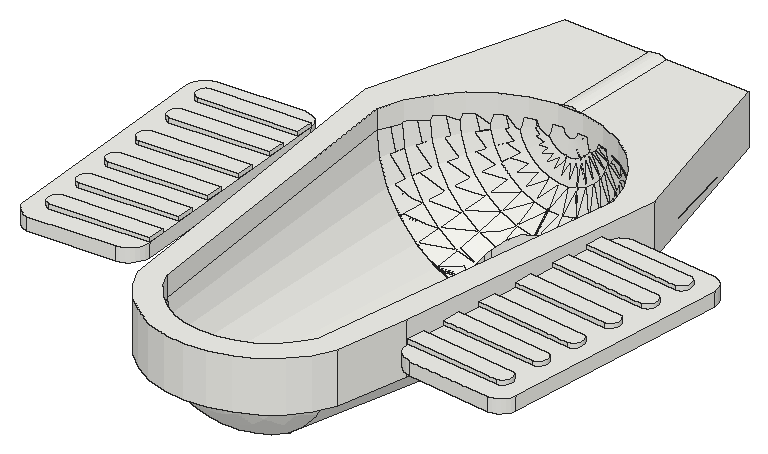
Revit family
Parameters (values of type "620 x 550 mm")
  WC Material = Porcelain
Reference planes
  plane 1 "Center (Front/Back)": y = 0
  plane 2: z = 0
  plane 3 "Center (Left/Right)": x = 0
  plane 4: x = -274.779
  plane 5: x = 274.779
  plane 6: y = 314.771
  plane 7: y = -305.548
Forms (mm)
  Extrusion 1, solid, material "Porcelain" <- "WC Material"
    sketch origin (0, 0, 0) x (1, 0, 0) y (0, 1, 0)
      loop
        line (-116.489, -160.234) -> (-107.131, -234.648)
        arc (-107.131, -234.648) -> (-1.566, -305.548) -> (103.998, -234.648) r 114.039
        line (103.998, -234.648) -> (116.489, -160.234) -> (152.046, 122.519) -> (96.918, 314.771) -> (-96.918, 314.771) -> (-152.046, 122.519) -> (-116.489, -160.234)
      loop
        arc (-83.989, -225.191) -> (-4.28, -280.507) -> (78.651, -230.15) r 89.039
        line (78.651, -230.15) -> (125.163, 102.23)
        arc (125.163, 102.23) -> (0, 201.712) -> (-125.163, 102.23) r 128.478
        line (-125.163, 102.23) -> (-83.989, -225.191)
    from -33 to 20
  Extrusion 2, solid, material "Porcelain" <- "WC Material"
    sketch origin (0, 0, 0) x (1, 0, 0) y (0, 0, 1)
      loop
        arc (10.237, 20) -> (0, 22.516) -> (-10.237, 20) r 22.084
        line (-10.237, 20) -> (10.237, 20)
    from -314.771 to -200.903
  Revolve 3, solid, material "Porcelain" <- "WC Material"
    sketch origin (0, 0, 0) x (1, 0, 0) y (0, 1, 0)
      loop
        line (-83.989, -225.191) -> (-125.163, 102.23)
        arc (-125.163, 102.23) -> (-79.941, 173.812) -> (0, 201.712) r 128.478
        line (0, 201.712) -> (0, 211.712)
        arc (0, 211.712) -> (-86.872, 181.074) -> (-135.303, 102.716) r 138.478
        line (-135.303, 102.716) -> (-93.75, -227.715)
        arc (-93.75, -227.715) -> (-56.698, -273.785) -> (0, -290.536) r 99.039
        line (0, -290.536) -> (0, -280.535)
        arc (0, -280.535) -> (-50.558, -265.859) -> (-83.989, -225.191) r 89.039
      axis (0, -290.536) -> (0, 211.712)
    angle from 0 to 180
  Revolve 4, solid, material "Porcelain" <- "WC Material"
    sketch origin (0, 0, 0) x (1, 0, 0) y (0, 1, 0)
      loop
        arc (-125.049, 102.716) -> (-79.746, 173.967) -> (0, 201.712) r 128.478
        line (0, 201.712) -> (0, 314.771) -> (-96.918, 314.771) -> (-135.303, 102.716) -> (-125.049, 102.716)
      axis (0, 314.771) -> (0, 102.716)
    angle from 0 to 179.301
  Extrusion 5, void
    sketch origin (0, -40, 0) x (0, 1, 0) y (1, 0, 0)
      loop
        circle (168.603, 0) r 40.014
    from 85.019 to 140.764
  Sweep 6, solid, material "Porcelain" <- "WC Material"
    path origin (0, 0, 0) x (1, 0, 0) y (0, 1, 0)
      loop
        circle (0, 128.603) r 40.014
    profile origin (0, 0, 0) x (0, 1, 0) y (0, 0, 1)
      loop
        line (168.617, -123.333) -> (168.617, -159.332) -> (170.441, -159.332) -> (170.441, -122.705) -> (168.617, -123.333)
  Extrusion 7, solid, material "Porcelain" <- "WC Material"
    sketch origin (0, 0, 0) x (1, 0, 0) y (0, 1, 0)
      loop
        arc (-260.09, -195.349) -> (-253.823, -205.693) -> (-242.821, -210.718) r 20.544
        line (-242.821, -210.718) -> (-155.138, -204.125)
        arc (-155.138, -204.125) -> (-141.702, -197.153) -> (-136.173, -183.062) r 21.536
        line (-136.173, -183.062) -> (-153.793, 51.276)
        arc (-153.793, 51.276) -> (-160.638, 65.029) -> (-175.209, 69.893) r 20.036
        line (-175.209, 69.893) -> (-262.539, 63.173)
        arc (-262.539, 63.173) -> (-273.559, 56.204) -> (-278.085, 43.975) r 20.345
        line (-278.085, 43.975) -> (-260.09, -195.349)
      loop
        line (260.09, -195.349) -> (278.085, 43.975)
        arc (278.085, 43.975) -> (273.559, 56.204) -> (262.539, 63.173) r 20.345
        line (262.539, 63.173) -> (175.209, 69.893)
        arc (175.209, 69.893) -> (160.638, 65.029) -> (153.793, 51.276) r 20.036
        line (153.793, 51.276) -> (136.173, -183.062)
        arc (136.173, -183.062) -> (141.702, -197.153) -> (155.138, -204.125) r 21.536
        line (155.138, -204.125) -> (242.821, -210.718)
        arc (242.821, -210.718) -> (253.823, -205.693) -> (260.09, -195.349) r 20.544
    from 0 to 14
  Extrusion 8, solid, material "Porcelain" <- "WC Material"
    sketch origin (0, 0, 0) x (1, 0, 0) y (0, 1, 0)
      loop
        line (-153.793, 51.276) -> (-253.531, 44.044)
        arc (-253.531, 44.044) -> (-260.31, 33.989) -> (-252.151, 25.017) r 9.819
        line (-252.151, 25.017) -> (-152.383, 32.519) -> (-153.793, 51.276)
      loop
        line (-150.829, 10.399) -> (-250.567, 3.166)
        arc (-250.567, 3.166) -> (-257.346, -6.889) -> (-249.187, -15.86) r 9.819
        line (-249.187, -15.86) -> (-149.418, -8.359) -> (-150.829, 10.399)
      loop
        line (-147.341, -34.528) -> (-247.079, -41.761)
        arc (-247.079, -41.761) -> (-253.859, -51.816) -> (-245.7, -60.787) r 9.819
        line (-245.7, -60.787) -> (-145.931, -53.286) -> (-147.341, -34.528)
      loop
        line (-144.02, -78.702) -> (-244.115, -86.228)
        arc (-244.115, -86.228) -> (-250.894, -96.283) -> (-242.735, -105.255) r 9.819
        line (-242.735, -105.255) -> (-142.59, -97.725) -> (-144.02, -78.702)
      loop
        line (-140.819, -121.278) -> (-240.557, -128.511)
        arc (-240.557, -128.511) -> (-247.336, -138.566) -> (-239.177, -147.538) r 9.819
        line (-239.177, -147.538) -> (-139.408, -140.036) -> (-140.819, -121.278)
      loop
        line (-137.595, -164.156) -> (-237.333, -171.389)
        arc (-237.333, -171.389) -> (-244.112, -181.444) -> (-235.953, -190.415) r 9.819
        line (-235.953, -190.415) -> (-136.184, -182.914) -> (-137.595, -164.156)
      loop
        line (153.793, 51.276) -> (152.383, 32.519) -> (252.151, 25.017)
        arc (252.151, 25.017) -> (260.31, 33.989) -> (253.531, 44.044) r 9.819
        line (253.531, 44.044) -> (153.793, 51.276)
      loop
        line (150.829, 10.399) -> (149.418, -8.359) -> (249.187, -15.86)
        arc (249.187, -15.86) -> (257.346, -6.889) -> (250.567, 3.166) r 9.819
        line (250.567, 3.166) -> (150.829, 10.399)
      loop
        line (147.341, -34.528) -> (145.931, -53.286) -> (245.7, -60.787)
        arc (245.7, -60.787) -> (253.859, -51.816) -> (247.079, -41.761) r 9.819
        line (247.079, -41.761) -> (147.341, -34.528)
      loop
        line (144.02, -78.702) -> (142.59, -97.725) -> (242.735, -105.255)
        arc (242.735, -105.255) -> (250.894, -96.283) -> (244.115, -86.228) r 9.819
        line (244.115, -86.228) -> (144.02, -78.702)
      loop
        line (140.819, -121.278) -> (139.408, -140.036) -> (239.177, -147.538)
        arc (239.177, -147.538) -> (247.336, -138.566) -> (240.557, -128.511) r 9.819
        line (240.557, -128.511) -> (140.819, -121.278)
      loop
        line (137.595, -164.156) -> (136.184, -182.914) -> (235.953, -190.415)
        arc (235.953, -190.415) -> (244.112, -181.444) -> (237.333, -171.389) r 9.819
        line (237.333, -171.389) -> (137.595, -164.156)
    from 15 to 19
Cuts and joins
  Extrusion 5 cuts Extrusion 1
  Extrusion 5 cuts Extrusion 2
  Extrusion 5 cuts Revolve 3
  Extrusion 5 cuts Revolve 4
Lines and regions (mm)
  Masking region 1
    outline origin (0, 0, 0) x (1, 0, 0) y (0, 1, 0)
      loop
        line (96.918, 314.771) -> (-96.918, 314.771) -> (-152.046, 122.519) -> (-116.489, -160.234) -> (-107.131, -234.648)
        arc (-107.131, -234.648) -> (-1.566, -305.548) -> (103.998, -234.648) r 114.039
        line (103.998, -234.648) -> (116.489, -160.234) -> (152.046, 122.519) -> (96.918, 314.771)
  Masking region 2
    outline origin (0, 0, 0) x (1, 0, 0) y (0, 1, 0)
      loop
        line (-175.209, 69.893) -> (-262.539, 63.173)
        arc (-262.539, 63.173) -> (-273.559, 56.204) -> (-278.085, 43.975) r 20.345
        line (-278.085, 43.975) -> (-260.09, -195.349)
        arc (-260.09, -195.349) -> (-253.823, -205.693) -> (-242.821, -210.718) r 20.544
        line (-242.821, -210.718) -> (-155.138, -204.125)
        arc (-155.138, -204.125) -> (-141.702, -197.153) -> (-136.173, -183.062) r 21.536
        line (-136.173, -183.062) -> (-153.793, 51.276)
        arc (-153.793, 51.276) -> (-160.638, 65.029) -> (-175.209, 69.893) r 20.036
      loop
        arc (175.209, 69.893) -> (160.638, 65.029) -> (153.793, 51.276) r 20.036
        line (153.793, 51.276) -> (136.173, -183.062)
        arc (136.173, -183.062) -> (141.702, -197.153) -> (155.138, -204.125) r 21.536
        line (155.138, -204.125) -> (242.821, -210.718)
        arc (242.821, -210.718) -> (253.823, -205.693) -> (260.09, -195.349) r 20.544
        line (260.09, -195.349) -> (278.085, 43.975)
        arc (278.085, 43.975) -> (273.559, 56.204) -> (262.539, 63.173) r 20.345
        line (262.539, 63.173) -> (175.209, 69.893)
  symbolic lines
    curve 1: line (-278.085, 43.975, 0) -> (-260.09, -195.349, 0)
    curve 2: arc (-262.539, 63.173, 0) -> (-273.559, 56.204, 0) -> (-278.085, 43.975, 0) r 20.345
    curve 3: line (-175.209, 69.893, 0) -> (-262.539, 63.173, 0)
    curve 4: arc (-153.793, 51.276, 0) -> (-160.638, 65.029, 0) -> (-175.209, 69.893, 0) r 20.036
    curve 5: line (-136.173, -183.062, 0) -> (-153.793, 51.276, 0)
    curve 6: arc (-155.138, -204.125, 0) -> (-141.702, -197.153, 0) -> (-136.173, -183.062, 0) r 21.536
    curve 7: line (-242.821, -210.718, 0) -> (-155.138, -204.125, 0)
    curve 8: arc (-260.09, -195.349, 0) -> (-253.823, -205.693, 0) -> (-242.821, -210.718, 0) r 20.544
    curve 9: line (153.793, 51.276, 0) -> (136.173, -183.062, 0)
    curve 10: arc (175.209, 69.893, 0) -> (160.638, 65.029, 0) -> (153.793, 51.276, 0) r 20.036
    curve 11: line (262.539, 63.173, 0) -> (175.209, 69.893, 0)
    curve 12: arc (278.085, 43.975, 0) -> (273.559, 56.204, 0) -> (262.539, 63.173, 0) r 20.345
    curve 13: line (260.09, -195.349, 0) -> (278.085, 43.975, 0)
    curve 14: arc (242.821, -210.718, 0) -> (253.823, -205.693, 0) -> (260.09, -195.349, 0) r 20.544
    curve 15: line (155.138, -204.125, 0) -> (242.821, -210.718, 0)
    curve 16: arc (136.173, -183.062, 0) -> (141.702, -197.153, 0) -> (155.138, -204.125, 0) r 21.536
    curve 17: line (-152.046, 122.519, 0) -> (-116.489, -160.234, 0)
    curve 18: line (-116.489, -160.234, 0) -> (-107.131, -234.648, 0)
    curve 19: arc (-107.131, -234.648, 0) -> (-1.566, -305.548, 0) -> (103.998, -234.648, 0) r 114.039
    curve 20: line (103.998, -234.648, 0) -> (116.489, -160.234, 0)
    curve 21: line (116.489, -160.234, 0) -> (152.046, 122.519, 0)
    curve 22: line (152.046, 122.519, 0) -> (96.918, 314.771, 0)
    curve 23: line (-96.918, 314.771, 0) -> (-152.046, 122.519, 0)
    curve 24: line (96.918, 314.771, 0) -> (-96.918, 314.771, 0)
    curve 25: arc (-125.163, 102.23, 0) -> (0, 201.712, 0) -> (125.163, 102.23, 0) r 128.478
    curve 26: arc (-40.014, 128.603, 0) -> (0, 168.617, 0) -> (40.014, 128.603, 0) r 40.014
    curve 27: arc (40.014, 128.603, 0) -> (0, 88.588, 0) -> (-40.014, 128.603, 0) r 40.014
    curve 28: line (-83.989, -225.191, 0) -> (-125.163, 102.23, 0)
    curve 29: line (125.163, 102.23, 0) -> (78.651, -230.15, 0)
    curve 30: arc (78.651, -230.15, 0) -> (-4.28, -280.507, 0) -> (-83.989, -225.191, 0) r 89.039
Dimensions and locks
  plane 4 to plane 5 = 549.557 mm
  plane 7 to plane 6 = 620.32 mm
  aligned and locked: Sweep 6 sketch curve to cut or joined group of Revolve 4, Extrusion 5
  aligned and locked: Sweep 6 sketch curve to cut or joined group of Revolve 3, Extrusion 5
  aligned and locked: curve 1 to Extrusion 7
  aligned and locked: curve 2 to Extrusion 7
  aligned and locked: curve 3 to Extrusion 7
  aligned and locked: curve 4 to Extrusion 7
  aligned and locked: curve 5 to Extrusion 7
  aligned and locked: curve 6 to Extrusion 7
  aligned and locked: curve 7 to Extrusion 7
  aligned and locked: curve 8 to Extrusion 7
  aligned and locked: curve 9 to Extrusion 7
  aligned and locked: curve 10 to Extrusion 7
  aligned and locked: curve 11 to Extrusion 7
  aligned and locked: curve 12 to Extrusion 7
  aligned and locked: curve 13 to Extrusion 7
  aligned and locked: curve 14 to Extrusion 7
  aligned and locked: curve 15 to Extrusion 7
  aligned and locked: curve 16 to Extrusion 7
  aligned and locked: curve 17 to cut or joined group of Extrusion 1, Extrusion 5
  aligned and locked: curve 18 to cut or joined group of Extrusion 1, Extrusion 5
  aligned and locked: curve 19 to cut or joined group of Extrusion 1, Extrusion 5
  aligned and locked: curve 20 to cut or joined group of Extrusion 1, Extrusion 5
  aligned and locked: curve 21 to cut or joined group of Extrusion 1, Extrusion 5
  aligned and locked: curve 22 to cut or joined group of Extrusion 1, Extrusion 5
  aligned and locked: curve 23 to cut or joined group of Extrusion 1, Extrusion 5
  aligned and locked: curve 24 to cut or joined group of Extrusion 1, Extrusion 5
  aligned and locked: curve 25 to cut or joined group of Extrusion 1, Extrusion 5
  aligned and locked: curve 26 to cut or joined group of Revolve 4, Extrusion 5
  aligned and locked: curve 27 to Sweep 6
  aligned and locked: curve 28 to cut or joined group of Extrusion 1, Extrusion 5
  aligned and locked: curve 29 to cut or joined group of Extrusion 1, Extrusion 5
  aligned and locked: curve 30 to cut or joined group of Extrusion 1, Extrusion 5
  aligned: Masking region 2 sketch curve to Extrusion 7
